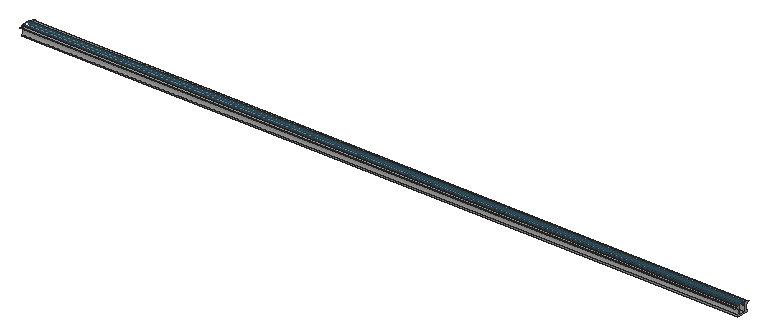
Revit family "LCAL14", category Luminarias, Revit 2019
Family settings
  Cota de conector redondo = Diámetro de uso
  Tipo de pieza = Normal
  Se basa en plano de trabajo = Sí
  Siempre vertical = No
  Corte con vacíos al cargar = No
  Origen de luz = No
  Compartido = Sí
  Punto de cálculo de habitación = No
Parameters (values of type "PERFIL_LCAL14")
  Tapa Final 14.1 = 1
  Keynote = ""
  Modelo = "LCAL14"
  Lamp = ""
  Longitud = 1200 mm
  Fabricante = "BRILLANT"
  Default Elevation = 1219.2 mm
  Descripción = "PERFIL DE ALUMINIO CON DIFUSOR LECHOSO PARA ALOJAR TIRA LUMINOSA DE HASTA 12.2MM DE ANCHO. INSTALACION SOBRE SUPERFICIES PLANAS IDEAL PARA ATENUAR EL BRILLO E INCORPORAR LA LUZ AL AMBIENTE.PRESENTACION DE 1.2 METROS. REQUEIRE ACCESORIOS COMO TAPA FINAL PARA EXTREMOS Y CLIPS DE SUJECION (CONSIDERAR 4 PZAS POR 1.20M)"
  Costo USD_LCAL14 [instance] = (Longitud / 1200 mm) * (10)  # 10
  Wattage Comments = ""
  Clips de Sujecion 14.2 = (Longitud / 1200 mm) * (4)  # 4
Reference planes
  plane 1 "Centro (Frontal/Posterior)": y = 0
  plane 2: z = 0
  plane 3 "Centro (Izquierda/Derecha)": x = 0
  plane 4: x = -1200
Forms (mm)
  Extrusion 1, solid, material "Aluminio"
    sketch origin (37.527, 0, 32.853) x (0, 0, 1) y (0, -1, 0)
      loop
        line (-32.853, 8.685) -> (-32.853, -8.685) -> (-31.054, -8.685)
        arc (-31.054, -8.685) -> (-26.054, -7.377) -> (-21.054, -8.685) r 10.21
        line (-21.054, -8.685) -> (-19.584, -8.685) -> (-19.584, -12.5)
        arc (-19.584, -12.5) -> (-19.184, -12.786) -> (-18.784, -12.5) r 0.423
        line (-18.784, -12.5) -> (-17.853, -9.776) -> (-17.853, -7.719) -> (-18.681, -7.719) -> (-19.199, -6.294) -> (-20.765, -6.294) -> (-21.353, -6.882) -> (-22.134, -6.1) -> (-31.786, -6.1) -> (-31.786, 6.1) -> (-22.134, 6.1) -> (-21.353, 6.882) -> (-20.765, 6.294) -> (-19.199, 6.294) -> (-18.681, 7.719) -> (-17.853, 7.719) -> (-17.853, 9.776) -> (-18.784, 12.5)
        arc (-18.784, 12.5) -> (-19.184, 12.786) -> (-19.584, 12.5) r 0.423
        line (-19.584, 12.5) -> (-19.584, 8.685) -> (-21.054, 8.685)
        arc (-21.054, 8.685) -> (-26.054, 7.377) -> (-31.054, 8.685) r 10.21
        line (-31.054, 8.685) -> (-32.853, 8.685)
    from -1237.527 to -37.527
  Extrusion 2, solid, material "Difusor Lechoso"
    sketch origin (22.394, 0, 27.494) x (0, 0, 1) y (0, -1, 0)
      loop
        arc (-12.494, -9.776) -> (-10.766, 0) -> (-12.494, 9.776) r 28.518
        line (-12.494, 9.776) -> (-12.494, 7.719) -> (-13.322, 7.719) -> (-13.84, 6.294) -> (-15.407, 6.294) -> (-15.994, 6.882) -> (-16.776, 6.1) -> (-17.563, 6.1) -> (-17.563, 5.3) -> (-12.078, 5.3)
        arc (-12.078, 5.3) -> (-11.566, 0) -> (-12.078, -5.3) r 27.718
        line (-12.078, -5.3) -> (-17.563, -5.3) -> (-17.563, -6.1) -> (-16.776, -6.1) -> (-15.994, -6.882) -> (-15.407, -6.294) -> (-13.84, -6.294) -> (-13.322, -7.719) -> (-12.494, -7.719) -> (-12.494, -9.776)
    from -1222.394 to -22.394
Dimensions and locks
  "Longitud": plane 3 "Centro (Izquierda/Derecha)" to plane 4
  Extrusion 1 sketch curve to Extrusion 1 sketch curve = 17.369 mm
  Extrusion 1 sketch curve to Extrusion 1 sketch curve = 12.2 mm
  Extrusion 1 sketch curve to Extrusion 1 sketch curve = 15 mm
  "Longitud": plane 4 to plane 3 "Centro (Izquierda/Derecha)"
  aligned and locked: level to plane 2
  aligned and locked: plane 4 to Extrusion 1
  aligned and locked: plane 3 "Centro (Izquierda/Derecha)" to Extrusion 1
  aligned and locked: plane 4 to Extrusion 2
  aligned and locked: plane 3 "Centro (Izquierda/Derecha)" to Extrusion 2
Automatic sketch dimensions
  Extrusion 1 sketch curve to level = 0 mm
  level to Extrusion 1 sketch curve = 1.067 mm
  Extrusion 1 sketch curve to Extrusion 1 sketch curve = 0.732 mm
  level to Extrusion 1 sketch curve = 1.799 mm
  level to Extrusion 1 sketch curve = 6.799 mm  (x2)
  Extrusion 1 sketch curve to Extrusion 1 sketch curve = 0.782 mm  (x2)
  Extrusion 1 sketch curve to Extrusion 1 sketch curve = 0.299 mm  (x2)
  Extrusion 1 sketch curve to Extrusion 1 sketch curve = 0.587 mm  (x3)
  Extrusion 1 sketch curve to Extrusion 1 sketch curve = 1.47 mm  (x2)
  Extrusion 1 sketch curve to Extrusion 1 sketch curve = 1.566 mm  (x2)
  Extrusion 1 sketch curve to Extrusion 1 sketch curve = 0.4 mm  (x4)
  Extrusion 1 sketch curve to plane 1 "Centro (Frontal/Posterior)" = 12.5 mm
  plane 1 "Centro (Frontal/Posterior)" to Extrusion 1 sketch curve = 12.5 mm
  Extrusion 1 sketch curve to Extrusion 1 sketch curve = 0.904 mm  (x2)
  Extrusion 1 sketch curve to Extrusion 1 sketch curve = 0.828 mm  (x2)
  Extrusion 1 sketch curve to Extrusion 1 sketch curve = 5.086 mm  (x2)
  Extrusion 1 sketch curve to Extrusion 1 sketch curve = 0.137 mm  (x2)
  Extrusion 1 sketch curve to Extrusion 1 sketch curve = 2.724 mm
  Extrusion 1 sketch curve to Extrusion 1 sketch curve = 2.391 mm
  Extrusion 1 sketch curve to Extrusion 1 sketch curve = 1.425 mm  (x2)
  plane 1 "Centro (Frontal/Posterior)" to Extrusion 1 sketch curve = 6.1 mm
  Extrusion 1 sketch curve to Extrusion 1 sketch curve = 0.194 mm
  Extrusion 1 sketch curve to Extrusion 1 sketch curve = 0.966 mm
  Extrusion 1 sketch curve to Extrusion 1 sketch curve = 1.091 mm
  Extrusion 2 sketch curve to plane 1 "Centro (Frontal/Posterior)" = 0 mm
  Extrusion 2 sketch curve to level = 11.79 mm
  level to Extrusion 2 sketch curve = 9.932 mm
  Extrusion 2 sketch curve to Extrusion 2 sketch curve = 0.787 mm  (x2)
  Extrusion 2 sketch curve to Extrusion 2 sketch curve = 0.782 mm  (x2)
  Extrusion 2 sketch curve to Extrusion 2 sketch curve = 0.587 mm  (x2)
  Extrusion 2 sketch curve to Extrusion 2 sketch curve = 1.566 mm  (x2)
  plane 1 "Centro (Frontal/Posterior)" to Extrusion 2 sketch curve = 6.294 mm
  Extrusion 2 sketch curve to Extrusion 2 sketch curve = 0.519 mm  (x2)
  Extrusion 2 sketch curve to Extrusion 2 sketch curve = 0.828 mm  (x2)
  Extrusion 2 sketch curve to plane 1 "Centro (Frontal/Posterior)" = 5.3 mm
  Extrusion 2 sketch curve to Extrusion 2 sketch curve = 0.8 mm
  Extrusion 2 sketch curve to Extrusion 2 sketch curve = 0.994 mm  (x2)
  Extrusion 2 sketch curve to Extrusion 2 sketch curve = 1.425 mm  (x2)
  Extrusion 2 sketch curve to Extrusion 2 sketch curve = 2.057 mm
  Extrusion 2 sketch curve to Extrusion 2 sketch curve = 0.194 mm
  Extrusion 2 sketch curve to Extrusion 2 sketch curve = 0 mm  (x2)
  Extrusion 2 sketch curve to Extrusion 2 sketch curve = 0.417 mm  (x2)
